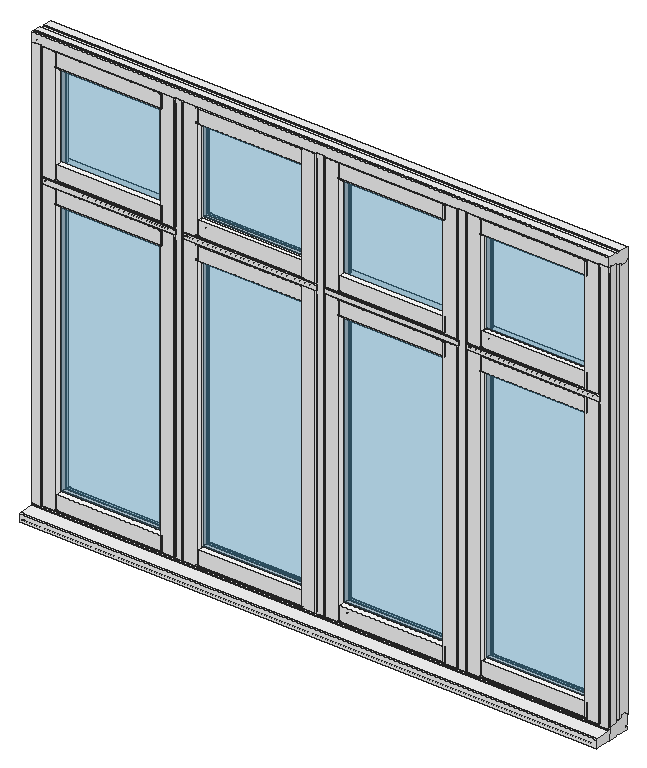
Revit family "C44", category Generic Models, Revit 2012 (continued)
Automatic sketch dimensions
  Extrusion 67 sketch curve to plane 30 = 0.013 mm
  Extrusion 67 sketch curve to plane 1 "Center (Front/Back)" = 0.384 mm  (x2)
  Extrusion 67 sketch curve to Extrusion 67 sketch curve = 3 mm  (x3)
  Extrusion 67 sketch curve to plane 1 "Center (Front/Back)" = 3.384 mm
  Extrusion 67 sketch curve to plane 15 = 3.601 mm  (x2)
  plane 15 to Extrusion 67 sketch curve = 0.399 mm  (x2)
  plane 30 to Extrusion 67 sketch curve = 0.987 mm
  plane 15 to Extrusion 67 sketch curve = 16.399 mm
  Extrusion 67 sketch curve to Extrusion 67 sketch curve = 16 mm
  Extrusion 67 sketch curve to Extrusion 67 sketch curve = 10 mm  (x2)
  plane 12 to Extrusion 67 sketch curve = 2 mm  (x4)
  Extrusion 67 sketch curve to Extrusion 67 sketch curve = 1 mm  (x3)
  Extrusion 67 sketch curve to Extrusion 67 sketch curve = 22 mm
  Extrusion 67 sketch curve to Extrusion 67 sketch curve = 0 mm  (x2)
  Extrusion 67 sketch curve to Extrusion 67 sketch curve = 6 mm
  Extrusion 67 sketch curve to Extrusion 67 sketch curve = 8 mm
  plane 30 to Extrusion 67 sketch curve = 1.987 mm
  Extrusion 67 sketch curve to plane 13 = 6 mm
Types (3, lengths in mm): name | Width | Height | GlazingPanelMaterial | Floor Material
  Window Sill drawing | 2358 | 1770 | Glass | White
  Access Manager | 1250 | 1250 | none | none
  window family | 2358 | 1770 | Glass | 1.12A ANCHOR FIXING
